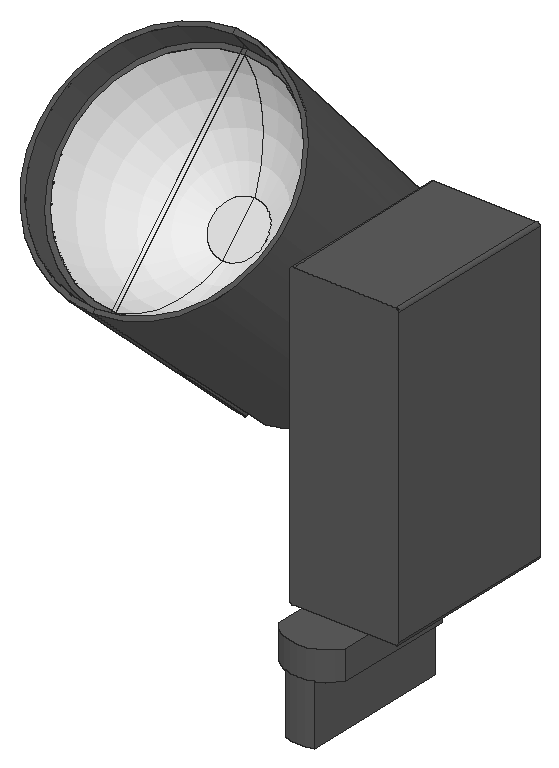
Revit family "0004944 Feilo Sylvania Lighting Fixture START TRACK SPOT L DALI 3260LM 930 WB BLK", category Lighting Fixtures, host Face, Revit 2017 (continued)
Definition of nested family "Start Track Spot Head"
  Types (96, lengths in mm): name | Wattage | built-in parameter 1150134 | Photometric Web File | Model | built-in parameter 1150105 | Lumens | built-in parameter 1150107 | built-in parameter 1150106 | HeadThickness_FEILO | HeadRibOffset_FEILO | HeadRibDepth_FEILO | HeadRibCutWidth_FEILO | HeadRibCutOffset_FEILO | HeadReflectorRadius_FEILO | HeadReflectorOffset_FEILO | HeadLEDRadius_FEILO | HeadHeight_FEILO | HeadDiffusorOffset_FEILO | HeadDiaOut_FEILO | HeadDiaIn_FEILO | HeadAxisFromTop_FEILO | Emit from Circle Diameter | built-in parameter 1150104 | Description | Apparent Load
    0004812 START TRACK SPOT S 14W 3K RA80 MB WHITE | 14 W | (empty or 0) | "0004812.ies" | "START TRACK SPOT S 14W 3K RA80 MB WHITE" | 120.32 (stored number, unit not read) | 1512 lm | 3000 (stored number, unit not read) | 1.2032 (stored number, unit not read) | 1.5 | 4.179 | 55.714 | 7.167 | 50.87 | 50.588 | 55.714 | 9.556 | 117 | 9.435 | 86 | 77.477 | 69.354 | 77.477 | 10.034 (stored number, unit not read) | "Integrated LED spotlight, Textured White - RAL9016, compact and minimalist design, ideal for retail applications, die-cast aluminium body, passive cooling heatsink. Beam angle: 36°, color temperature: 3000K , total system power: 14W, total fixture output: 1508 lm, LOR: 100%, colour rendering: Ra: 80 typical, LED Chromaticity: 3 step MacAdam ellipse, lifetime: >50000 hours at L70B50, energy class: A++, A+, A, IR/UV free light source without heat radiation, operating voltage: 220-240V / 50-60Hz, drive current: 350mA, electronic driver, non-dimmable, power factor: 0.92, electrical protection: Class II, Global Track 3 Phase adapter suitable for Global trac 3-circuit tracks, ingress protection rating: IP20, suitable for internal environment only, horizontal rotation: 355°, vertical tilt: 90°, dimensions: Ø86x140x200, weight: 0.940kg." | 14 VA
    0004811 START TRACK SPOT S 14W 3K RA80 NB WHITE | 14 W | (empty or 0) | "0004811.ies" | "START TRACK SPOT S 14W 3K RA80 NB WHITE" | 123.66 (stored number, unit not read) | 1554 lm | 3000 (stored number, unit not read) | 1.2366 (stored number, unit not read) | 1.5 | 4.179 | 55.714 | 7.167 | 50.87 | 50.588 | 55.714 | 9.556 | 117 | 9.435 | 86 | 77.477 | 69.354 | 77.477 | 10.312 (stored number, unit not read) | "Integrated LED spotlight, Textured White - RAL9016, compact and minimalist design, ideal for retail applications, die-cast aluminium body, passive cooling heatsink. Beam angle: 12°, color temperature: 3000K , total system power: 14W, total fixture output: 1551 lm, LOR: 100%, colour rendering: Ra: 80 typical, LED Chromaticity: 3 step MacAdam ellipse, lifetime: >50000 hours at L70B50, energy class: A++, A+, A, IR/UV free light source without heat radiation, operating voltage: 220-240V / 50-60Hz, drive current: 350mA, electronic driver, non-dimmable, power factor: 0.92, electrical protection: Class II, Global Track 3 Phase adapter suitable for Global trac 3-circuit tracks, ingress protection rating: IP20, suitable for internal environment only, horizontal rotation: 355°, vertical tilt: 90°, dimensions: Ø86x140x200, weight: 0.940kg." | 14 VA
  Reference planes
    plane 1 "Center (Front/Back)": y = 0
    plane 2: z = 0
    plane 3 "Center (Left/Right)": x = 0
    plane 4: x = 43
    plane 5: x = -43
    plane 6: x = -38.739
    plane 7: x = 38.739
    plane 8: z = 69.354
    plane 9: z = -47.646
    plane 10: x = -41.5
    plane 11: x = -37.239
    plane 12: z = -38.211
    plane 13: z = -35.211
    plane 14: z = 8.068
    plane 15: x = -9.556
    plane 16: x = -28.667
    plane 17: x = -19.111
    plane 18: x = -27.167
    plane 19: x = -17.611
    plane 20: x = -8.056
    plane 21: z = 13.64
    plane 22: x = -29.667
    plane 23: x = -26.167
    plane 24: x = -20.111
    plane 25: x = -16.611
    plane 26: x = -10.556
    plane 27: x = -7.056
    plane 28: x = -36.239
    plane 29: x = -40.5
    plane 30: z = 65.175
    plane 31: z = 60.997
    plane 32: z = 56.818
    plane 33: z = 18.484
    plane 34: y = -43
    plane 35: y = 43
    plane 36: y = 3.583
    plane 37: y = -3.583
    plane 38: y = -2.583
    plane 39: y = 2.583
    plane 40: y = 46
    plane 41: z = 13.5
    plane 42: z = -13.5
    plane 43: y = 39
    plane 44: x = 4.708
    plane 45: x = -2.458
    plane 46: x = -1.458
    plane 47: x = 1.458
  Forms (mm)
    Extrusion 1, solid
      sketch origin (4.2, 0, 0) x (1, 0, 0) y (0, 1, 0)
        loop
          line (-1219.2, 1219.2) -> (-1219.2, -1219.2) -> (1219.2, -1219.2) -> (1219.2, 1219.2) -> (-1219.2, 1219.2)
      from 0 to -68.017
    Revolve 2, solid, material <- "Material_1_FEILO", detail levels medium+fine
      sketch origin (0, 0, 0) x (1, 0, 0) y (0, 0, 1)
        loop
          line (-43, -47.646) -> (-41.5, -47.646) -> (-40.5, -35.211) -> (-38.739, -35.211)
          arc (-38.739, -35.211) -> (-30.16, -9.517) -> (-9.556, 8.068) r 50.588
          line (-9.556, 8.068) -> (0, 8.068) -> (0, 13.64) -> (-16.611, 13.64) -> (-17.611, 60.997) -> (-19.111, 60.997) -> (-20.111, 13.64) -> (-36.239, 13.64) -> (-37.239, 69.354) -> (-38.739, 69.354) -> (-43, -47.646)
        axis (0, 69.354) -> (0, -47.646)
      angle from 360 to 0
    Extrusion 3, void
      sketch origin (0, 0, 0) x (0, 1, 0) y (0, 0, 1)
        loop
          line (-3.583, 69.354) -> (-2.583, 18.484) -> (1.932, 18.484) -> (2.932, 69.354) -> (-3.583, 69.354)
      from 43 to -43
    Revolve 4, solid, material <- "Material_2_FEILO", detail levels medium+fine
      sketch origin (0, 0, 0) x (1, 0, 0) y (0, 0, 1)
        loop
          line (-41.5, -38.211) -> (0, -38.211) -> (0, -35.211) -> (-41.5, -35.211) -> (-41.5, -38.211)
        axis (0, -35.211) -> (0, -38.211)
      angle from 360 to 0
    Revolve 5, solid, material <- "Material_1_FEILO"
      sketch origin (0, 0, 0) x (0, 1, 0) y (0, 0, 1)
        loop
          line (46, 0) -> (39, 0) -> (39, -13.5) -> (46, -13.5) -> (46, 0)
        axis (39, 0) -> (46, 0)
      angle from 360 to 0
    Revolve 6, solid, material <- "Material_1_FEILO", detail levels medium+fine
      sketch origin (0, 0, 0) x (1, 0, 0) y (0, 0, 1)
        loop
          line (-29.667, 13.64) -> (-26.167, 13.64) -> (-27.167, 65.175) -> (-28.667, 65.175) -> (-29.667, 13.64)
        loop
          line (-10.556, 13.64) -> (-7.056, 13.64) -> (-7.833, 56.818) -> (-9.778, 56.818) -> (-10.556, 13.64)
        axis (0, 65.175) -> (0, 13.64)
      angle from 360 to 0
    Extrusion 7, void
      sketch origin (0, 0, 0) x (1, 0, 0) y (0, 0, 1)
        loop
          line (4.708, 69.354) -> (-2.458, 69.354) -> (-1.458, 13.64) -> (1.458, 13.64) -> (4.708, 69.354)
      from -43 to 43
    Revolve 8, solid, material <- "Material_1_FEILO", detail levels coarse
      sketch origin (0, 0, 0) x (1, 0, 0) y (0, 0, 1)
        loop
          line (0, 69.354) -> (-38.739, 69.354) -> (-43, -47.646) -> (-41.5, -47.646) -> (-40.731, -38.211) -> (0, -38.211) -> (0, 69.354)
        axis (0, 69.354) -> (0, -47.646)
      angle from 360 to 0
  Cuts and joins
    Extrusion 3 cuts Revolve 2
    Extrusion 7 cuts Revolve 6
  Dimensions and locks
    equal spacing: plane 7, plane 3 "Center (Left/Right)", plane 6
    equal spacing: plane 4, plane 3 "Center (Left/Right)", plane 5
    "HeadDiaOut_FEILO": plane 4 to plane 5
    "HeadDiaIn_FEILO": plane 7 to plane 6
    "HeadHeight_FEILO": plane 8 to plane 9
    "HeadThickness_FEILO": plane 10 to plane 5
    "HeadThickness_FEILO": plane 11 to plane 6
    "HeadDiffusorOffset_FEILO": plane 12 to plane 9
    "HeadDiffusorThickness_FEILO": plane 13 to plane 12
    "HeadReflectorOffset_FEILO": plane 14 to plane 9
    "HeadLEDRadius_FEILO": plane 3 "Center (Left/Right)" to plane 15
    "HeadLEDRadius_FEILO": plane 15 to plane 17
    "HeadLEDRadius_FEILO": plane 17 to plane 16
    "HeadThickness_FEILO": plane 18 to plane 16
    "HeadThickness_FEILO": plane 19 to plane 17
    "HeadThickness_FEILO": plane 20 to plane 15
    "HeadRibDepth_FEILO": plane 8 to plane 21
    "HeadDraft_FEILO": plane 16 to plane 22
    "HeadDraft_FEILO": plane 23 to plane 18
    "HeadDraft_FEILO": plane 17 to plane 24
    "HeadDraft_FEILO": plane 25 to plane 19
    "HeadDraft_FEILO": plane 15 to plane 26
    "HeadDraft_FEILO": plane 27 to plane 20
    "HeadDraft_FEILO": plane 29 to plane 10
    "HeadDraft_FEILO": plane 28 to plane 11
    "HeadRibOffset_FEILO": plane 8 to plane 30
    "HeadRibOffset_FEILO": plane 30 to plane 31
    "HeadRibOffset_FEILO": plane 31 to plane 32
    "HeadAxisFromTop_FEILO": plane 8 to plane 2
    "HeadRibCutOffset_FEILO": plane 8 to plane 33
    equal spacing: plane 34, plane 1 "Center (Front/Back)", plane 35
    "HeadDiaOut_FEILO": plane 34 to plane 35
    equal spacing: plane 38, plane 1 "Center (Front/Back)", plane 39
    equal spacing: plane 37, plane 1 "Center (Front/Back)", plane 36
    "HeadRibCutWidth_FEILO": plane 37 to plane 36
    "HeadDraft_FEILO": plane 37 to plane 38
    locked: plane 35 to plane 40 at 3
    equal spacing: plane 41, plane 2, plane 42
    locked: plane 42 to plane 41 at 27
    locked: plane 43 to plane 35 at 4
    equal spacing: plane 45, imposter light, plane 44
    "HeadDraft_FEILO": plane 46 to plane 45
    "HeadRibCutWidth_FEILO": plane 44 to plane 45
    equal spacing: plane 47, plane 3 "Center (Left/Right)", plane 46
    "HeadReflectorRadius_FEILO": radius of Revolve 2 sketch curve
    aligned and locked: plane 2 to Extrusion 1
    aligned and locked: level to Extrusion 1
    aligned and locked: Revolve 2 sketch curve to plane 3 "Center (Left/Right)"  (x2)
    aligned and locked: plane 9 to Revolve 2 sketch curve  (x2)
    aligned and locked: plane 5 to Revolve 2 sketch curve
    aligned and locked: plane 10 to Revolve 2 sketch curve
    aligned and locked: plane 14 to Revolve 2 sketch curve
    aligned and locked: plane 8 to Revolve 2 sketch curve
    aligned and locked: Revolve 2 sketch curve to plane 13
    aligned and locked: plane 12 to Revolve 4 sketch curve
    aligned and locked: plane 3 "Center (Left/Right)" to Revolve 4 sketch curve
    aligned and locked: Revolve 4 sketch curve to plane 10
    aligned and locked: Revolve 4 sketch curve to plane 3 "Center (Left/Right)"
    aligned and locked: plane 12 to imposter light
    aligned and locked: imposter light to plane 1 "Center (Front/Back)"
    aligned and locked: Revolve 5 sketch curve to plane 2
    aligned and locked: plane 43 to Revolve 5 sketch curve
    aligned and locked: plane 42 to Revolve 5 sketch curve
    aligned and locked: Revolve 6 sketch curve to plane 3 "Center (Left/Right)"
    aligned and locked: plane 22 to Revolve 6 sketch curve
    aligned and locked: plane 30 to Revolve 6 sketch curve
    aligned and locked: plane 23 to Revolve 6 sketch curve
    aligned and locked: Revolve 6 sketch curve to plane 21  (x2)
    aligned and locked: plane 21 to Revolve 6 sketch curve
    aligned and locked: plane 17 to Revolve 2 sketch curve
    aligned and locked: plane 19 to Revolve 2 sketch curve
    aligned and locked: plane 31 to Revolve 2 sketch curve
    aligned and locked: plane 21 to Revolve 2 sketch curve
    aligned and locked: Extrusion 3 to plane 8
    aligned and locked: plane 33 to Extrusion 3
    aligned and locked: plane 8 to Extrusion 3 sketch curve
    aligned and locked: Extrusion 3 sketch curve to plane 33
    aligned and locked: Extrusion 3 to plane 5
    aligned and locked: plane 4 to Extrusion 3
    aligned and locked: plane 32 to Revolve 6 sketch curve
    aligned and locked: plane 44 to Extrusion 7 sketch curve
    aligned and locked: Extrusion 7 sketch curve to plane 8
    aligned and locked: plane 46 to Extrusion 7 sketch curve
    aligned and locked: plane 21 to Extrusion 7 sketch curve
    aligned and locked: plane 34 to Extrusion 7
    aligned and locked: Extrusion 7 to plane 35
    aligned and locked: Revolve 4 sketch curve to plane 13
    aligned and locked: Revolve 5 sketch curve to plane 40
    aligned and locked: Revolve 8 sketch curve to plane 3 "Center (Left/Right)"
    aligned and locked: Revolve 8 sketch curve to cut or joined group of Revolve 2, Extrusion 3  (x3)
    aligned and locked: plane 5 to Revolve 8 sketch curve
    aligned and locked: plane 3 "Center (Left/Right)" to Revolve 8 sketch curve
    aligned and locked: plane 12 to Revolve 8 sketch curve
  Automatic sketch dimensions
    Extrusion 1 sketch curve to Extrusion 1 sketch curve = 2438.4 mm  (x2)
    Extrusion 3 sketch curve to plane 37 = 0 mm
    Extrusion 3 sketch curve to plane 38 = 0 mm
    plane 39 to Extrusion 3 sketch curve = 0.651 mm
    Extrusion 3 sketch curve to plane 39 = 0.349 mm
    Revolve 6 sketch curve to plane 16 = 0 mm
    Revolve 6 sketch curve to plane 18 = 0 mm
    Revolve 6 sketch curve to plane 26 = 0 mm
    Revolve 6 sketch curve to plane 27 = 0 mm
    Revolve 6 sketch curve to plane 15 = 0.222 mm
    plane 9 to Revolve 6 sketch curve = 559.103 mm
    Revolve 6 sketch curve to plane 8 = 2535.555 mm
    plane 20 to Revolve 6 sketch curve = 0.222 mm
    Revolve 2 sketch curve to plane 29 = 0 mm
    Revolve 2 sketch curve to plane 6 = 0 mm  (x2)
    Revolve 2 sketch curve to plane 11 = 0 mm
    Revolve 2 sketch curve to plane 21 = 0 mm
    Revolve 2 sketch curve to plane 28 = 0 mm
    Revolve 2 sketch curve to plane 24 = 0 mm
    Revolve 2 sketch curve to plane 25 = 0 mm
    Revolve 2 sketch curve to plane 15 = 0 mm
    Revolve 2 sketch curve to Revolve 2 sketch curve = 557.155 mm
    Revolve 2 sketch curve to plane 8 = 2535.558 mm
    Extrusion 7 sketch curve to plane 45 = 0 mm
    Extrusion 7 sketch curve to plane 47 = 0 mm
    plane 9 to Revolve 4 sketch curve = 559.103 mm
    Revolve 4 sketch curve to plane 8 = 2535.555 mm
    Revolve 5 sketch curve to level = 0 mm
    plane 34 to Revolve 5 sketch curve = 1968.092 mm
    Revolve 5 sketch curve to plane 40 = 1405.763 mm
    Revolve 8 sketch curve to plane 6 = 0 mm
    Revolve 8 sketch curve to plane 29 = 0.231 mm
    plane 9 to Revolve 8 sketch curve = 559.103 mm
    Revolve 8 sketch curve to Revolve 8 sketch curve = 2535.555 mm
Definition of nested family "Start Track Spot Box"
  Parameters (values of type "Type Large White")
    URL = "http://www.feilosylvania.com"
    Type Image = (empty or 0)
    Type Comments = "n/a"
    Small_FEILO = no
    Material_3_FEILO = none
    Model = ""
    Manufacturer = "Feilo Sylvania"
    Keynote = ""
    Material_2_FEILO = none
    Description = ""
    Default Elevation = 1219.2 mm
    Cost = 0
    Material_1_FEILO = none
    BoxWidth_FEILO = 49 mm
    BoxStartAngle_FEILO [instance] = 0.00°
    BoxRadius_FEILO = 1.5 mm
    BoxHeight_FEILO = if(Small_FEILO, 112 mm, 136 mm)  # 136 mm
    BoxEndAngle_FEILO [instance] = BoxStartAngle_FEILO - 180.00°  # -180.00°
    BoxDepth_FEILO = if(Small_FEILO, 71.5 mm, 79 mm)  # 79 mm
    BoxAxisVerticalOffset_FEILO = 16 mm
    BoxAxisOffset_FEILO = BoxHeight_FEILO / 6.8  # 20 mm
    Assembly Code = ""
    Material_4_FEILO = none
  Types (4, lengths in mm): name | Small_FEILO | BoxHeight_FEILO | BoxDepth_FEILO | BoxAxisOffset_FEILO
    Type Large White | no | 136 | 79 | 20
    Type Small White | yes | 112 | 71.5 | 16.471
    Type Small Black | yes | 112 | 71.5 | 16.471
    Type Large Black | no | 136 | 79 | 20
  Reference planes
    plane 1 "Center (Front/Back)": y = 0
    plane 2: z = 0
    plane 3 "Center (Left/Right)": x = 0
    plane 4: x = 24.5
    plane 5: x = -24.5
    plane 6: y = 68
    plane 7: y = -68
    plane 8: z = 39.5
    plane 9: z = -39.5
    plane 10: y = -48
    plane 11: x = 30.5
    plane 12: x = 8.5
    plane 13: x = 21.5
    plane 14: y = 70
    plane 15: y = 72
    plane 16: x = 19.5
  Forms (mm)
    Extrusion 1, solid
      sketch origin (4.2, 0, 0) x (1, 0, 0) y (0, 1, 0)
        loop
          line (-1219.2, 1219.2) -> (-1219.2, -1219.2) -> (1219.2, -1219.2) -> (1219.2, 1219.2) -> (-1219.2, 1219.2)
      from 0 to -68.017
    Extrusion 2, solid, material <- "Material_1_FEILO"
      sketch origin (0, 0, 0) x (1, 0, 0) y (0, 1, 0)
        loop
          arc (-23, 68) -> (-24.061, 67.561) -> (-24.5, 66.5) r 1.5
          line (-24.5, 66.5) -> (-24.5, -66.5)
          arc (-24.5, -66.5) -> (-24.061, -67.561) -> (-23, -68) r 1.5
          line (-23, -68) -> (23, -68)
          arc (23, -68) -> (24.061, -67.561) -> (24.5, -66.5) r 1.5
          line (24.5, -66.5) -> (24.5, 66.5)
          arc (24.5, 66.5) -> (24.061, 67.561) -> (23, 68) r 1.5
          line (23, 68) -> (-23, 68)
      from -39.5 to 39.5
    Revolve 3, solid, not visible
      sketch origin (0, 0, 0) x (1, 0, 0) y (0, 1, 0)
        loop
          line (30.5, -48) -> (24.5, -48) -> (24.5, -68) -> (30.5, -68) -> (30.5, -48)
        axis (30.5, -48) -> (24.5, -48)
      angle from 0 <- "BoxStartAngle_FEILO" to -180 <- "BoxEndAngle_FEILO"
    Revolve 4, solid, material <- "Material_2_FEILO"
      sketch origin (0, 0, 0) x (1, 0, 0) y (0, 1, 0)
        loop
          line (8.5, 68) -> (19.5, 68) -> (19.5, 70) -> (21.5, 70) -> (21.5, 72) -> (8.5, 72) -> (8.5, 68)
        axis (8.5, 72) -> (8.5, 68)
      angle from 360 to 0
  Dimensions and locks
    equal spacing: plane 5, plane 3 "Center (Left/Right)", plane 4
    "BoxWidth_FEILO": plane 5 to plane 4
    equal spacing: plane 7, plane 1 "Center (Front/Back)", plane 6
    "BoxHeight_FEILO": plane 7 to plane 6
    equal spacing: plane 8, plane 2, plane 9
    "BoxDepth_FEILO": plane 8 to plane 9
    "BoxAxisOffset_FEILO": plane 7 to plane 10
    locked: plane 4 to plane 11 at 6
    "BoxAxisVerticalOffset_FEILO": plane 12 to plane 4
    locked: plane 12 to plane 13 at 13
    plane 6 to plane 14 to plane 15 = 2 mm locked, 2 mm locked
    locked: plane 12 to plane 16 at 11
    "BoxRadius_FEILO": radius of Extrusion 2 sketch curve  (x4)
    aligned and locked: plane 2 to Extrusion 1
    aligned and locked: level to Extrusion 1
    aligned and locked: plane 6 to Extrusion 2 sketch curve
    aligned and locked: plane 5 to Extrusion 2 sketch curve
    aligned and locked: Extrusion 2 sketch curve to plane 7
    aligned and locked: Extrusion 2 sketch curve to plane 4
    aligned and locked: Extrusion 2 to plane 8
    aligned and locked: plane 9 to Extrusion 2
    aligned and locked: Revolve 3 sketch curve to plane 10  (x2)
    aligned and locked: plane 11 to Revolve 3 sketch curve
    aligned and locked: Revolve 3 sketch curve to plane 4
    aligned and locked: plane 7 to Revolve 3 sketch curve
    aligned and locked: Revolve 4 sketch curve to plane 12
    aligned and locked: plane 6 to Revolve 4 sketch curve
    aligned and locked: plane 12 to Revolve 4 sketch curve
    aligned and locked: plane 15 to Revolve 4 sketch curve
    aligned and locked: Revolve 4 sketch curve to plane 13
    aligned and locked: Revolve 4 sketch curve to plane 14
    aligned and locked: Revolve 4 sketch curve to plane 16
    aligned and locked: Revolve 4 sketch curve to plane 6
  Automatic sketch dimensions
    Extrusion 1 sketch curve to Extrusion 1 sketch curve = 2438.4 mm  (x2)
    Revolve 3 sketch curve to plane 5 = 1499.5 mm
    plane 11 to Revolve 3 sketch curve = 1493.5 mm
    plane 15 to Revolve 4 sketch curve = 0 mm
    plane 7 to Revolve 4 sketch curve = 1456 mm
    Revolve 4 sketch curve to plane 15 = 1452 mm
